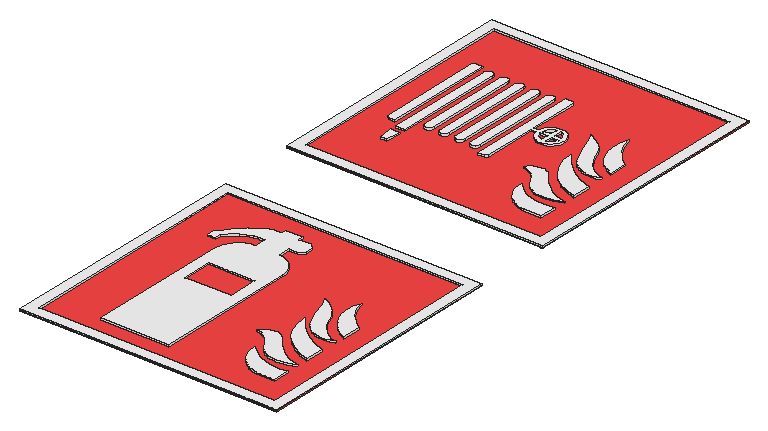
Revit family "GRAS_HW-25N-KP-20-30 HS Z", category Osprzęt hydrauliczny, Revit 2018
Family settings
  Obiekt nadrzędny = Powierzchnia
  Wymiar okrągłego złącza = Użyj średnicy
  Typ części = Normalny
  Tnij formami wycięć po wczytaniu = Nie
  Współdzielony = Nie
  Punkt obliczania pomieszczeń = Nie
Parameters (values of type "HW-25N-20/30 HS-Z, RAL3000")
  W1 = 100 mm
  URL = "http://www.gras.pl/"
  Top Right Supply Connection = ""
  Top Left Supply Connection = ""
  Side Right Supply Connection = ""
  Side Left Supply Connection = ""
  Producent = "GRAS PPPH"
  Pictogram_height = 90 mm
  Opis = "http://gras.pl/wp-content/uploads/2020/01/gras-hw-25n-k-20-30-hs-z.pdf"
  Model = "HW-25N-K-20/30 HS-Z, RAL3000"
  K Factor = 42
  H1 = 130 mm
  Flow = 60.0 L/s
  Door_Right - Door_Left [instance] = no
  Default Elevation = 0 mm
  DN = 25 mm
  D1 = 100 mm
  Cabinet width = 795 mm
  Cabinet material = DC01, RAL3000
  Cabinet height = 1025 mm
  Cabinet depth = 220 mm
  Back Right Supply Connection = ""
  Back Left Supply Connection = ""
  0 = 0 mm
Types (2, lengths in mm): name | Model | Cabinet material
  HW-25N-20/30 HS-Z, RAL9010 | "HW-25N-K-20/30 HS-Z, RAL9010" | DC01, RAL9010
  HW-25N-20/30 HS-Z, RAL3000 | "HW-25N-K-20/30 HS-Z, RAL3000" | DC01, RAL3000
Reference planes
  plane 1 "Środek (Przód/Tył)": y = 0
  plane 2: z = 0
  plane 3 "Środek (Lewa/Prawa)": x = 0
  plane 4: y = 512.5
  plane 5: y = -512.5
  plane 6: x = -397.5
  plane 7: x = 397.5
  plane 8: z = 220
  plane 9: z = 130
  plane 10: x = 397.5
  plane 11: z = 0
  plane 12: x = -397.5
  plane 13: z = 130
  plane 14: z = 130
Forms (mm)
  Extrusion 1, solid, not visible
    sketch origin (0, 0, 0) x (1, 0, 0) y (0, 1, 0)
      loop
        line (-1219.2, 1219.2) -> (-1219.2, -1219.2) -> (1219.2, -1219.2) -> (1219.2, 1219.2) -> (-1219.2, 1219.2)
    from 0 to -304.8
Dimensions and locks
  equal spacing: plane 4, plane 1 "Środek (Przód/Tył)", plane 5
  "Cabinet height": plane 4 to plane 5
  equal spacing: plane 6, plane 3 "Środek (Lewa/Prawa)", plane 7
  "Cabinet width": plane 6 to plane 7
  "Cabinet depth": plane 8 to Extrusion 1
  "0": nested 1 to plane 8
  "0": plane 3 "Środek (Lewa/Prawa)" to nested 1
  "0": plane 3 "Środek (Lewa/Prawa)" to nested 2
  "0": plane 1 "Środek (Przód/Tył)" to nested 2
  "Pictogram_height": plane 4 to nested 1
  "0": nested 2 to nested 3
  locked: nested 1 to nested 3 at 45
  aligned and locked: plane 2 to Extrusion 1
  aligned and locked: level to Extrusion 1
Automatic sketch dimensions
  Extrusion 1 sketch curve to Extrusion 1 sketch curve = 2438.4 mm  (x2)
Nested families
  nested 1: "pictogram_hydrant" at (0, 347.5, 220), type "150x150"
  nested 2: "Cabinet_complet" at (0, 0, 0), visible <- "Door_Right - Door_Left", type "Cabinet_complet"
    with Visible_Right yes, Left_Right no, Hinge_H2 863 mm, Half_Height 512.5 mm, Height 1025 mm, Flow 60.0 L/s, Door_Rubber 198 mm, Door_Height 959 mm, Door_Half_Height 479.5 mm, Depth 220 mm
  nested 3: "pictogram_fire_extinguisher" at (0, 152.5, 220), type "150x150"
Connectors
  piping at (396.5, 382.5, 100), diameter 25, driven by "DN", driven by "Flow"
    settings: on nested 2, index 1, connector inside diameter 609.6 mm, connector length 0 mm, flow factor 0, pipe flow 60.0 L/s, pressure drop 0.0 Pa, fitting loss kfactor 0, connector angle 0.00°, fixture units 0, engagement length 0 mm, angle of deflection 0.00°, flow configuration 0, flow direction 0, fitting loss method 0, system type 7, joint type 0, gender type 0, connector reference index -1, connector utility 0, adjustable connector no, is connector primary yes, connector description ""
  piping at (297.5, 382.5, 1), diameter 25, driven by "DN", driven by "Flow"
    settings: on nested 2, index 2, connector inside diameter 609.6 mm, connector length 0 mm, flow factor 0, pipe flow 60.0 L/s, pressure drop 0.0 Pa, fitting loss kfactor 0, connector angle 0.00°, fixture units 0, engagement length 0 mm, angle of deflection 0.00°, flow configuration 0, flow direction 0, fitting loss method 0, system type 7, joint type 0, gender type 0, connector reference index -1, connector utility 0, adjustable connector no, is connector primary no, connector description ""
  piping at (-397.5, 382.5, 100), diameter 25, driven by "DN", driven by "Flow"
    settings: on nested 2, index 3, connector inside diameter 609.6 mm, connector length 0 mm, flow factor 0, pipe flow 60.0 L/s, pressure drop 0.0 Pa, fitting loss kfactor 0, connector angle 0.00°, fixture units 0, engagement length 0 mm, angle of deflection 0.00°, flow configuration 0, flow direction 0, fitting loss method 0, system type 19, joint type 0, gender type 0, connector reference index -1, connector utility 0, adjustable connector no, is connector primary no, connector description ""
  piping at (-297.5, 382.5, 0), diameter 25, driven by "DN"
    settings: on nested 2, index 4, connector inside diameter 609.6 mm, connector length 0 mm, flow factor 0, pipe flow 0.0 L/s, pressure drop 0.0 Pa, fitting loss kfactor 0, connector angle 0.00°, fixture units 0, engagement length 0 mm, angle of deflection 0.00°, flow configuration 0, flow direction 0, fitting loss method 0, system type 19, joint type 0, gender type 0, connector reference index -1, connector utility 0, adjustable connector no, is connector primary no, connector description ""
Definition of nested family "pictogram_hydrant"
  Parameters (values of type "150x150")
    pictogram_color_white = none
    pictogram_color_red = none
    W = 150 mm
    H = 150 mm
    Default Elevation = 1219.2 mm
  Reference planes
    plane 1 "Środek (Przód/Tył)": y = 0
    plane 2: z = 0
    plane 3 "Środek (Lewa/Prawa)": x = 0
    plane 4: x = -75
    plane 5: x = 75
    plane 6: y = 75
    plane 7: x = -75
    plane 8: x = 75
    plane 9: y = 75
    plane 10: y = -75
  Forms (mm)
    Extrusion 1, solid, material <- "pictogram_color_white", detail levels fine
      sketch origin (0, 0, 0) x (1, 0, 0) y (0, 1, 0)
        loop
          arc (-42.375, 34.5) -> (-45, 37.125) -> (-47.625, 34.5) r 2.625
          line (-47.625, 34.5) -> (-47.625, -29.625) -> (-42.375, -29.625) -> (-42.375, 34.5)
        loop
          arc (-38.625, -19.5) -> (-36, -22.125) -> (-33.375, -19.5) r 2.625
          line (-33.375, -19.5) -> (-33.375, 34.5)
          arc (-33.375, 34.5) -> (-36, 37.125) -> (-38.625, 34.5) r 2.625
          line (-38.625, 34.5) -> (-38.625, -19.5)
        loop
          arc (-29.625, -19.5) -> (-27, -22.125) -> (-24.375, -19.5) r 2.625
          line (-24.375, -19.5) -> (-24.375, 34.5)
          arc (-24.375, 34.5) -> (-27, 37.125) -> (-29.625, 34.5) r 2.625
          line (-29.625, 34.5) -> (-29.625, -19.5)
        loop
          arc (-20.625, -19.5) -> (-18, -22.125) -> (-15.375, -19.5) r 2.625
          line (-15.375, -19.5) -> (-15.375, 34.5)
          arc (-15.375, 34.5) -> (-18, 37.125) -> (-20.625, 34.5) r 2.625
          line (-20.625, 34.5) -> (-20.625, -19.5)
        loop
          arc (-11.625, -19.5) -> (-9, -22.125) -> (-6.375, -19.5) r 2.625
          line (-6.375, -19.5) -> (-6.375, 34.5)
          arc (-6.375, 34.5) -> (-9, 37.125) -> (-11.625, 34.5) r 2.625
          line (-11.625, 34.5) -> (-11.625, -19.5)
        loop
          arc (8.096, 6.375) -> (9.601, 3.593) -> (12.375, 2.075) r 5.587
          line (12.375, 2.075) -> (12.375, 6.375) -> (8.096, 6.375)
        loop
          arc (14.625, 2.05) -> (17.477, 3.549) -> (19.026, 6.375) r 5.587
          line (19.026, 6.375) -> (14.625, 6.375) -> (14.625, 2.05)
        loop
          arc (12.375, 12.994) -> (9.576, 11.45) -> (8.081, 8.625) r 5.587
          line (8.081, 8.625) -> (12.375, 8.625) -> (12.375, 12.994)
        loop
          arc (19.04, 8.625) -> (17.502, 11.494) -> (14.625, 13.019) r 5.587
          line (14.625, 13.019) -> (14.625, 8.625) -> (19.04, 8.625)
        loop
          arc (30.735, -35.586) -> (34.985, -47.78) -> (46.5, -53.625) r 17.285
          line (46.5, -53.625) -> (56.625, -53.625) -> (56.625, -43.857)
          arc (56.625, -43.857) -> (42.542, -43.284) -> (30.735, -35.586) r 26.558
        loop
          arc (43.5, 26.625) -> (44.037, 9.214) -> (56.632, -2.819) r 22.981
          line (56.632, -2.819) -> (56.601, 7.732)
          arc (56.601, 7.732) -> (48.159, 15.867) -> (43.5, 26.625) r 29.857
        loop
          arc (36.375, -1.5) -> (44.77, -9.178) -> (56.121, -8.425) r 14.487
          arc (56.121, -8.425) -> (50.239, -6.221) -> (45.629, -1.954) r 16.287
          arc (45.629, -1.954) -> (42.437, 2.964) -> (40.404, 8.464) r 26.509
          arc (40.404, 8.464) -> (34.776, 15.029) -> (27.375, 19.5) r 27.251
          arc (27.375, 19.5) -> (29.19, 16.657) -> (30.375, 13.5) r 16.152
          arc (30.375, 13.5) -> (32.842, 5.787) -> (36.375, -1.5) r 57.118
        loop
          line (75, -75) -> (75, 75) -> (-75, 75) -> (-75, -75) -> (75, -75)
        loop
          line (69, -69) -> (69, 69) -> (-69, 69) -> (-69, -69) -> (69, -69)
        loop
          line (-55.125, -25.5) -> (-51.375, -25.5) -> (-51.375, 38.625) -> (-55.125, 38.625) -> (-56.625, 37.125) -> (-56.625, -24) -> (-55.125, -25.5)
        loop
          line (-43.234, -41.671) -> (-42.368, -33.375) -> (-47.658, -33.375) -> (-46.721, -41.671) -> (-43.234, -41.671)
        loop
          line (5.748, 8.625) -> (2.625, 8.625) -> (2.625, 37.125) -> (1.125, 38.625) -> (-2.625, 38.625) -> (-2.625, -25.5) -> (1.125, -25.5) -> (2.625, -24) -> (2.625, 6.375) -> (5.748, 6.375)
          arc (5.748, 6.375) -> (21.333, 7.5) -> (5.748, 8.625) r 7.833
        loop
          arc (56.626, -18.699) -> (42.495, -11.687) -> (31.5, -0.375) r 46.748
          arc (31.5, -0.375) -> (38.925, -19.413) -> (56.626, -29.624) r 30.825
          line (56.626, -29.624) -> (56.626, -18.699)
        loop
          arc (30.403, -18.389) -> (25.366, -19.297) -> (21.375, -22.5) r 10.383
          arc (21.375, -22.5) -> (27.7, -25.134) -> (32.166, -30.331) r 14.829
          arc (32.166, -30.331) -> (35.524, -35.29) -> (40.5, -38.625) r 15.649
          arc (40.5, -38.625) -> (48.741, -38.75) -> (56.621, -36.335) r 26.465
          arc (56.621, -36.335) -> (49.534, -34.515) -> (43.5, -30.375) r 21.005
          arc (43.5, -30.375) -> (39.113, -26.466) -> (35.439, -21.881) r 35.088
          arc (35.439, -21.881) -> (33.209, -19.719) -> (30.403, -18.389) r 9.54
      from 0.2 to 1
    Extrusion 2, solid, material <- "pictogram_color_red", detail levels fine
      sketch origin (0, 0, 0) x (1, 0, 0) y (0, 1, 0)
        loop
          line (-75, 75) -> (-75, -75) -> (75, -75) -> (75, 75) -> (-75, 75)
      from 0 to 0.2
  Dimensions and locks
    equal spacing: plane 7, plane 3 "Środek (Lewa/Prawa)", plane 8
    "W": plane 7 to plane 8
    equal spacing: plane 9, plane 1 "Środek (Przód/Tył)", plane 10
    "H": plane 9 to plane 10
    aligned and locked: level to plane 2
    aligned and locked: Extrusion 1 to Extrusion 2  (x2)
    aligned and locked: Extrusion 2 to Extrusion 1  (x3)
    aligned and locked: Extrusion 1 to plane 7
    aligned and locked: plane 8 to Extrusion 1
    aligned and locked: plane 9 to Extrusion 1
    aligned and locked: Extrusion 1 to plane 10
  Automatic sketch dimensions
    Extrusion 1 sketch curve to Extrusion 1 sketch curve = 0 mm  (x22)
    Extrusion 1 sketch curve to plane 4 = 0 mm
    Extrusion 1 sketch curve to plane 5 = 0 mm
    Extrusion 1 sketch curve to plane 6 = 0 mm
    plane 4 to Extrusion 1 sketch curve = 6 mm
    plane 4 to Extrusion 1 sketch curve = 18.375 mm
    Extrusion 1 sketch curve to Extrusion 1 sketch curve = 1.5 mm  (x7)
    Extrusion 1 sketch curve to Extrusion 1 sketch curve = 3.75 mm  (x6)
    Extrusion 1 sketch curve to Extrusion 1 sketch curve = 3.717 mm
    Extrusion 1 sketch curve to Extrusion 1 sketch curve = 0.033 mm
    Extrusion 1 sketch curve to Extrusion 1 sketch curve = 0.938 mm
    Extrusion 1 sketch curve to Extrusion 1 sketch curve = 2.625 mm  (x7)
    Extrusion 1 sketch curve to Extrusion 1 sketch curve = 3.487 mm
    Extrusion 1 sketch curve to Extrusion 1 sketch curve = 0.007 mm
    Extrusion 1 sketch curve to plane 3 "Środek (Lewa/Prawa)" = 2.625 mm
    plane 3 "Środek (Lewa/Prawa)" to Extrusion 1 sketch curve = 1.125 mm  (x2)
    plane 3 "Środek (Lewa/Prawa)" to Extrusion 1 sketch curve = 2.625 mm
    Extrusion 1 sketch curve to Extrusion 1 sketch curve = 3.123 mm
    Extrusion 1 sketch curve to Extrusion 1 sketch curve = 2.333 mm
    Extrusion 1 sketch curve to Extrusion 1 sketch curve = 0.014 mm  (x2)
    Extrusion 1 sketch curve to Extrusion 1 sketch curve = 4.294 mm
    Extrusion 1 sketch curve to Extrusion 1 sketch curve = 1.125 mm  (x2)
    Extrusion 1 sketch curve to Extrusion 1 sketch curve = 0.061 mm
    Extrusion 1 sketch curve to Extrusion 1 sketch curve = 1.064 mm  (x2)
    Extrusion 1 sketch curve to Extrusion 1 sketch curve = 0.118 mm
    Extrusion 1 sketch curve to Extrusion 1 sketch curve = 2.539 mm
    plane 3 "Środek (Lewa/Prawa)" to Extrusion 1 sketch curve = 18.99 mm
    Extrusion 1 sketch curve to Extrusion 1 sketch curve = 4.401 mm
    Extrusion 1 sketch curve to Extrusion 1 sketch curve = 8.783 mm
    Extrusion 1 sketch curve to Extrusion 1 sketch curve = 1.895 mm
    plane 1 "Środek (Przód/Tył)" to Extrusion 1 sketch curve = 12.549 mm
    Extrusion 1 sketch curve to Extrusion 1 sketch curve = 15.349 mm
    Extrusion 1 sketch curve to plane 5 = 28.5 mm
    Extrusion 1 sketch curve to Extrusion 1 sketch curve = 1.545 mm
    Extrusion 1 sketch curve to Extrusion 1 sketch curve = 1.437 mm
    Extrusion 1 sketch curve to plane 1 "Środek (Przód/Tył)" = 4.493 mm
    Extrusion 1 sketch curve to Extrusion 1 sketch curve = 4.546 mm
    Extrusion 1 sketch curve to Extrusion 1 sketch curve = 4.061 mm
    Extrusion 1 sketch curve to Extrusion 1 sketch curve = 7.037 mm
    Extrusion 1 sketch curve to Extrusion 1 sketch curve = 10.125 mm
    Extrusion 1 sketch curve to Extrusion 1 sketch curve = 8.626 mm
    plane 1 "Środek (Przód/Tył)" to Extrusion 1 sketch curve = 2.819 mm
    Extrusion 1 sketch curve to Extrusion 1 sketch curve = 7.068 mm
    Extrusion 1 sketch curve to Extrusion 1 sketch curve = 1.594 mm
    Extrusion 1 sketch curve to Extrusion 1 sketch curve = 2.188 mm
    Extrusion 1 sketch curve to plane 1 "Środek (Przód/Tył)" = 0.672 mm
    Extrusion 1 sketch curve to Extrusion 1 sketch curve = 5.675 mm
    plane 1 "Środek (Przód/Tył)" to Extrusion 1 sketch curve = 2.314 mm
    Extrusion 1 sketch curve to Extrusion 1 sketch curve = 2.258 mm
    Extrusion 1 sketch curve to plane 5 = 9.975 mm
    Extrusion 1 sketch curve to Extrusion 1 sketch curve = 1.108 mm
    Extrusion 1 sketch curve to plane 5 = 6 mm
    Extrusion 1 sketch curve to plane 5 = 4.96 mm
    Extrusion 1 sketch curve to plane 5 = 2.306 mm
    plane 5 to Extrusion 1 sketch curve = 10.875 mm
    Extrusion 1 sketch curve to Extrusion 1 sketch curve = 12.572 mm
    Extrusion 1 sketch curve to Extrusion 1 sketch curve = 5.437 mm
    Extrusion 1 sketch curve to Extrusion 1 sketch curve = 3.308 mm
    plane 1 "Środek (Przód/Tył)" to Extrusion 1 sketch curve = 19.5 mm
    Extrusion 1 sketch curve to Extrusion 1 sketch curve = 4.5 mm  (x2)
    Extrusion 1 sketch curve to Extrusion 1 sketch curve = 6.213 mm
    Extrusion 1 sketch curve to Extrusion 1 sketch curve = 3.361 mm
    Extrusion 1 sketch curve to Extrusion 1 sketch curve = 1.186 mm
    Extrusion 1 sketch curve to Extrusion 1 sketch curve = 10.925 mm
    Extrusion 1 sketch curve to Extrusion 1 sketch curve = 4.125 mm
    Extrusion 1 sketch curve to Extrusion 1 sketch curve = 6.781 mm
    Extrusion 1 sketch curve to Extrusion 1 sketch curve = 9.577 mm
    Extrusion 1 sketch curve to Extrusion 1 sketch curve = 8.296 mm
    Extrusion 1 sketch curve to Extrusion 1 sketch curve = 7.452 mm
    Extrusion 1 sketch curve to Extrusion 1 sketch curve = 9.768 mm
    Extrusion 1 sketch curve to Extrusion 1 sketch curve = 27.329 mm
    Extrusion 1 sketch curve to Extrusion 1 sketch curve = 6 mm
    plane 1 "Środek (Przód/Tył)" to Extrusion 1 sketch curve = 5.765 mm
    Extrusion 1 sketch curve to plane 1 "Środek (Przód/Tył)" = 2.05 mm
    Extrusion 1 sketch curve to plane 1 "Środek (Przód/Tył)" = 2.075 mm
    Extrusion 1 sketch curve to Extrusion 1 sketch curve = 4.325 mm
    Extrusion 1 sketch curve to Extrusion 1 sketch curve = 0.034 mm
    Extrusion 1 sketch curve to plane 1 "Środek (Przód/Tył)" = 7.642 mm
    Extrusion 1 sketch curve to Extrusion 1 sketch curve = 0.09 mm
    Extrusion 1 sketch curve to Extrusion 1 sketch curve = 2.25 mm
    Extrusion 1 sketch curve to Extrusion 1 sketch curve = 0.809 mm
    Extrusion 1 sketch curve to Extrusion 1 sketch curve = 7.206 mm
    Extrusion 1 sketch curve to Extrusion 1 sketch curve = 3.727 mm
    Extrusion 1 sketch curve to Extrusion 1 sketch curve = 7.508 mm
    Extrusion 1 sketch curve to Extrusion 1 sketch curve = 0.917 mm
    Extrusion 1 sketch curve to Extrusion 1 sketch curve = 6.797 mm
    Extrusion 1 sketch curve to plane 1 "Środek (Przód/Tył)" = 34.5 mm
    Extrusion 1 sketch curve to plane 6 = 6 mm
    Extrusion 1 sketch curve to Extrusion 1 sketch curve = 6.399 mm
    Extrusion 1 sketch curve to Extrusion 1 sketch curve = 8.335 mm
    Extrusion 1 sketch curve to Extrusion 1 sketch curve = 3 mm
    Extrusion 1 sketch curve to Extrusion 1 sketch curve = 2.63 mm
    Extrusion 1 sketch curve to Extrusion 1 sketch curve = 2.497 mm
    Extrusion 1 sketch curve to Extrusion 1 sketch curve = 5.036 mm
    plane 1 "Środek (Przód/Tył)" to Extrusion 1 sketch curve = 1.5 mm
    Extrusion 1 sketch curve to Extrusion 1 sketch curve = 4.875 mm
    Extrusion 1 sketch curve to plane 1 "Środek (Przód/Tył)" = 8.464 mm
    Extrusion 1 sketch curve to Extrusion 1 sketch curve = 7.5 mm
    Extrusion 1 sketch curve to Extrusion 1 sketch curve = 3.063 mm
    plane 1 "Środek (Przód/Tył)" to Extrusion 1 sketch curve = 1.954 mm
    Extrusion 1 sketch curve to Extrusion 1 sketch curve = 0.005 mm
    Extrusion 2 sketch curve to plane 4 = 0 mm
    Extrusion 2 sketch curve to plane 5 = 0 mm
    Extrusion 2 sketch curve to plane 6 = 0 mm
    plane 1 "Środek (Przód/Tył)" to Extrusion 2 sketch curve = 75 mm
Definition of nested family "Cabinet_complet"
  Parameters (values of type "Cabinet_complet")
    W1 = 100 mm
    Visible_Right = not(Left_Right)  # no
    Thickness = 1 mm
    Rubber = 8 mm
    Roof = 40 mm
    Material_hinge_lock = none
    Material = none
    Left_Right = yes
    Hinge_H2 = Height - Roof - Frame - 100 mm  # 733 mm
    Hinge_H1 = 100 mm
    Half_Height = Height / 2  # 447.5 mm
    Height = 895 mm
    Width = 795 mm
    H1 = 130 mm
    Gap = 4 mm
    Frame = 22 mm
    Flow = 35.0 L/s
    Door_Width = Width  # 795 mm
    Door_Rubber = Depth - Door_Depth  # 228 mm
    Door_Height = Height - Gap - Roof - Frame  # 829 mm
    Door_Half_Height = Door_Height / 2  # 414.5 mm
    Door_Depth = 22 mm
    Depth = 250 mm
    DN_Hole = DN + 20 mm  # 45 mm
    DN = 25 mm
    D1 = 100 mm
    0 = 0 mm
  Reference planes
    plane 1 "Środek (Przód/Tył)": y = 0
    plane 2: z = 0
    plane 3 "Środek (Lewa/Prawa)": x = 0
    plane 4: z = 250
    plane 5: y = 895
    plane 6: y = -447.5
    plane 7: x = 397.5
    plane 8: x = -397.5
    plane 9: y = -33
  Dimensions and locks
    "0": plane 3 "Środek (Lewa/Prawa)" to nested 1
    "0": plane 1 "Środek (Przód/Tył)" to nested 1
    "Height": plane 5 to plane 1 "Środek (Przód/Tył)"
    "0": plane 3 "Środek (Lewa/Prawa)" to nested 2
    "Door_Rubber": nested 2 to plane 2
    "Half_Height": plane 1 "Środek (Przód/Tył)" to plane 6
    "0": nested 2 to plane 6
    equal spacing: plane 7, plane 3 "Środek (Lewa/Prawa)", plane 8
    "Width": plane 7 to plane 8
    "Depth": plane 4 to level
    "0": nested 3 to plane 8
    "0": nested 4 to plane 8
    "Hinge_H1": plane 6 to nested 4
    "Hinge_H2": nested 3 to plane 6
    "Gap": nested 3 to plane 4
    "Gap": plane 4 to nested 4
    "0": nested 6 to plane 8
    "0": plane 7 to nested 5
    "Door_Half_Height": plane 9 to plane 6
    "0": plane 9 to nested 5
    "0": nested 6 to plane 9
    "Gap": nested 6 to plane 4
    "Gap": plane 4 to nested 5
    "0": plane 3 "Środek (Lewa/Prawa)" to nested 7
    "0": nested 7 to plane 1 "Środek (Przód/Tył)"
    "0": plane 7 to nested 8
    "0": plane 7 to nested 9
    "Hinge_H1": plane 6 to nested 9
    "Hinge_H2": plane 6 to nested 8
    "Gap": plane 4 to nested 9
    "Gap": plane 4 to nested 8
    aligned and locked: level to plane 2
  Nested families
    nested 1: "HS-Z v2" at (0, 0, 0), visible <- "Visible_Right", type "HS-Z v2"
      with Srednica 45 mm
    nested 2: "door" at (0, -33, 228), type "door"
    nested 3: "zawias" at (-402.5, 310.5, 216) x (-1, 0, 0) z (0, 0, 1), visible <- "Left_Right", type "zawias"
    nested 4: "zawias" at (-402.5, -322.5, 216) x (-1, 0, 0) z (0, 0, 1), visible <- "Left_Right", type "zawias"
    nested 5: "zamek" at (397.5, -33, 211), visible <- "Left_Right", type "zamek"
    nested 6: "zamek" at (-397.5, -33, 211) x (-1, 0, 0) z (0, 0, 1), visible <- "Visible_Right", type "zamek"
    nested 7: "HS-Z v2" at (0, 0, 0) x (-1, 0, 0) z (0, 0, 1), visible <- "Left_Right", type "HS-Z v2"
      with Srednica 45 mm
    nested 8: "zawias" at (402.5, 310.5, 216), visible <- "Visible_Right", type "zawias"
    nested 9: "zawias" at (402.5, -322.5, 216), visible <- "Visible_Right", type "zawias"
  Definition of nested family "HS-Z v2"
    Parameters (values of type "HS-Z v2")
      Width = 795 mm
      W1 = 100 mm
      D1 = 100 mm
      Thickness = 1 mm
      Srednica = 100 mm
      Rubber = 8 mm
      Roof_out = 10 mm
      Roof_Height = 40 mm
      Materiał = none
      Height = 895 mm
      H1 = 130 mm
      Frame = 22 mm
      Door_Depth_rubber = Door_Depth + Rubber  # 30 mm
      Door_Depth = 22 mm
      Depth = 250 mm
      DN = 45 mm
      Cabinet_depth = Depth - Door_Depth_rubber  # 220 mm
      0 = 0 mm
    Reference planes
      plane 1 "Środek (Przód/Tył)": y = 0
      plane 2: z = 0
      plane 3 "Środek (Lewa/Prawa)": x = 0
      plane 4: x = -397.5
      plane 5: x = 397.5
      plane 6: y = 447.5
      plane 7: y = -447.5
      plane 8: z = 250
      plane 9: z = 220
      plane 10: y = 407.5
      plane 11: y = 385.5
      plane 12: z = 260
      plane 13: y = 363.5
      plane 14: z = 259
      plane 15: z = 1
      plane 16: y = -446.5
      plane 17: z = 219
      plane 18: y = 446.5
      plane 19: y = 386.5
      plane 20: y = 406.5
      plane 21: x = 396.5
      plane 22: x = -396.5
      plane 23: x = -375.5
      plane 24: x = 375.5
      plane 25: y = -425.5
      plane 26: y = 317.5
      plane 27: z = 100
      plane 28: x = 297.5
    Forms (mm)
      Extrusion 1, solid, material <- "Materiał"
        sketch origin (0, 0, 0) x (0, 1, 0) y (0, 0, 1)
          loop
            line (447.5, 0) -> (407.5, 260) -> (385.5, 260) -> (391.654, 220) -> (-447.5, 220) -> (-447.5, 0) -> (447.5, 0)
        from -397.5 to 397.5
      Extrusion 2, void
        sketch origin (0, 0, 0) x (0, 1, 0) y (0, 0, 1)
          loop
            line (446.5, 1) -> (406.5, 259) -> (386.5, 259) -> (392.702, 219) -> (-446.5, 219) -> (-446.5, 1) -> (446.5, 1)
        from -396.5 to 396.5
      Extrusion 3, void
        sketch origin (0, 0, 0) x (1, 0, 0) y (0, 1, 0)
          loop
            line (-375.5, 363.5) -> (-375.5, -425.5) -> (375.5, -425.5) -> (375.5, 363.5) -> (-375.5, 363.5)
        from 1 to 260
      Extrusion 4, void
        sketch origin (0, 0, 0) x (1, 0, 0) y (0, 1, 0)
          loop
            circle (297.5, 317.5) r 22.5
        from 0 to 110
      Extrusion 5, void
        sketch origin (397.5, 0, 0) x (0, -1, 0) y (0, 0, 1)
          loop
            circle (-317.5, 100) r 22.5
        from 0 to 1
    Cuts and joins
      Extrusion 2, Extrusion 3, Extrusion 4, Extrusion 5 cuts Extrusion 1
    Dimensions and locks
      equal spacing: plane 4, plane 3 "Środek (Lewa/Prawa)", plane 5
      "Width": plane 4 to plane 5
      equal spacing: plane 6, plane 1 "Środek (Przód/Tył)", plane 7
      "Height": plane 6 to plane 7
      "Roof_Height": plane 6 to plane 10
      "Frame": plane 10 to plane 11
      "Cabinet_depth": plane 9 to plane 2
      "Depth": plane 8 to plane 2
      "Roof_out": plane 12 to plane 8
      "Frame": plane 11 to plane 13
      "Thickness": plane 12 to plane 14
      "Thickness": plane 15 to plane 2
      "Thickness": plane 16 to plane 7
      "Thickness": plane 9 to plane 17
      "Thickness": plane 6 to plane 18
      "Thickness": plane 19 to plane 11
      "Thickness": plane 10 to plane 20
      "Thickness": plane 4 to plane 22
      "Thickness": plane 21 to plane 5
      "Frame": plane 25 to plane 7
      "Frame": plane 4 to plane 23
      "Frame": plane 24 to plane 5
      "0": cut or joined group of Extrusion 1, Extrusion 2, Extrusion 3, Extrusion 4, Extrusion 5 to plane 5
      "0": plane 4 to cut or joined group of Extrusion 1, Extrusion 2, Extrusion 3, Extrusion 4, Extrusion 5
      "0": plane 22 to cut or joined group of Extrusion 1, Extrusion 2, Extrusion 3, Extrusion 4, Extrusion 5
      "0": cut or joined group of Extrusion 1, Extrusion 2, Extrusion 3, Extrusion 4, Extrusion 5 to plane 21
      "0": plane 12 to cut or joined group of Extrusion 1, Extrusion 2, Extrusion 3, Extrusion 4, Extrusion 5
      "D1": plane 27 to level
      "H1": plane 6 to plane 26
      "W1": plane 28 to plane 5
      "0": cut or joined group of Extrusion 1, Extrusion 2, Extrusion 3, Extrusion 4, Extrusion 5 to cut or joined group of Extrusion 1, Extrusion 2, Extrusion 3, Extrusion 4, Extrusion 5
      "0": plane 21 to cut or joined group of Extrusion 1, Extrusion 2, Extrusion 3, Extrusion 4, Extrusion 5
      "0": Extrusion 5 sketch curve to plane 26
      "0": Extrusion 5 sketch curve to plane 27
      "DN": diameter of Extrusion 4 sketch curve
      "DN": diameter of Extrusion 5 sketch curve
      aligned and locked: level to plane 2
    Automatic sketch dimensions
      Extrusion 1 sketch curve to plane 7 = 0 mm
      Extrusion 1 sketch curve to plane 11 = 0 mm
      Extrusion 1 sketch curve to plane 9 = 0 mm
      Extrusion 1 sketch curve to plane 10 = 0 mm
      Extrusion 1 sketch curve to level = 0 mm
      Extrusion 1 sketch curve to plane 6 = 0 mm
      Extrusion 1 sketch curve to plane 12 = 0 mm
      Extrusion 1 sketch curve to plane 11 = 6.154 mm
      Extrusion 2 sketch curve to plane 16 = 0 mm
      Extrusion 2 sketch curve to plane 15 = 0 mm
      Extrusion 2 sketch curve to plane 14 = 0 mm
      Extrusion 2 sketch curve to plane 19 = 0 mm
      Extrusion 2 sketch curve to plane 17 = 0 mm
      Extrusion 2 sketch curve to plane 20 = 0 mm
      Extrusion 2 sketch curve to plane 18 = 0 mm
      Extrusion 2 sketch curve to plane 19 = 6.202 mm
      Extrusion 3 sketch curve to plane 23 = 0 mm
      plane 13 to Extrusion 3 sketch curve = 0 mm
      Extrusion 3 sketch curve to plane 24 = 0 mm
      Extrusion 3 sketch curve to plane 25 = 0 mm
      plane 26 to Extrusion 4 sketch curve = 0 mm
      Extrusion 4 sketch curve to plane 28 = 0 mm
  Definition of nested family "door"
    Parameters (values of type "door")
      Material = none
      Height = 829 mm
      Width = 795 mm
      Depth = 22 mm
      0 = 0 mm
    Reference planes
      plane 1 "Środek (Przód/Tył)": y = 0
      plane 2: z = 0
      plane 3 "Środek (Lewa/Prawa)": x = 0
      plane 4: x = -397.5
      plane 5: x = 397.5
      plane 6: y = 414.5
      plane 7: y = -414.5
      plane 8: z = 22
    Forms (mm)
      Extrusion 1, solid, material <- "Material"
        sketch origin (0, 0, 0) x (1, 0, 0) y (0, 1, 0)
          loop
            line (-397.5, 414.5) -> (-397.5, -414.5) -> (397.5, -414.5) -> (397.5, 414.5) -> (-397.5, 414.5)
        from 0 to 22
    Dimensions and locks
      equal spacing: plane 6, plane 1 "Środek (Przód/Tył)", plane 7
      equal spacing: plane 4, plane 3 "Środek (Lewa/Prawa)", plane 5
      "Width": plane 4 to plane 5
      "Height": plane 6 to plane 7
      "Depth": plane 8 to plane 2
      "0": plane 8 to Extrusion 1
      aligned and locked: level to plane 2
    Automatic sketch dimensions
      Extrusion 1 sketch curve to plane 4 = 0 mm
      Extrusion 1 sketch curve to plane 5 = 0 mm
      Extrusion 1 sketch curve to plane 7 = 0 mm
      Extrusion 1 sketch curve to plane 6 = 0 mm
  Definition of nested family "zawias"
    Parameters (values of type "zawias")
      width_height = 50 mm
      faza = 3 mm
      Visible = yes
      Materiał = none
      Depth = 10 mm
    Reference planes
      plane 1 "Środek (Przód/Tył)": y = 0
      plane 2: z = 0
      plane 3 "Środek (Lewa/Prawa)": x = 0
      plane 4: x = -25
      plane 5: y = 25
      plane 6: x = 25
      plane 7: y = -25
      plane 8: z = 10
      plane 9: z = 7
      plane 10: x = -3
      plane 11: x = 3
      plane 12: x = 22
      plane 13: x = -22
    Forms (mm)
      Extrusion 1, solid, material <- "Materiał"
        sketch origin (-5, 0, 5) x (0, 0, -1) y (1, 0, 0)
          loop
            line (-25, 0) -> (25, 0) -> (25, 7) -> (22, 10) -> (3, 10) -> (0, 7) -> (-3, 10) -> (-22, 10) -> (-25, 7) -> (-25, 0)
        from -25 to 25
    Dimensions and locks
      equal spacing: plane 4, plane 3 "Środek (Lewa/Prawa)", plane 6
      "width_height": plane 4 to plane 6
      equal spacing: plane 5, plane 1 "Środek (Przód/Tył)", plane 7
      "width_height": plane 5 to plane 7
      "Depth": plane 8 to plane 2
      "faza": plane 8 to plane 9
      "faza": plane 13 to plane 4
      "faza": plane 3 "Środek (Lewa/Prawa)" to plane 10
      "faza": plane 11 to plane 3 "Środek (Lewa/Prawa)"
      "faza": plane 6 to plane 12
      aligned and locked: level to plane 2
    Automatic sketch dimensions
      Extrusion 1 sketch curve to plane 10 = 2 mm
      plane 8 to Extrusion 1 sketch curve = 20 mm
      plane 11 to Extrusion 1 sketch curve = 2 mm  (x2)
      Extrusion 1 sketch curve to Extrusion 1 sketch curve = 3 mm  (x2)
      plane 9 to Extrusion 1 sketch curve = 1 mm
      Extrusion 1 sketch curve to plane 9 = 2 mm
      level to Extrusion 1 sketch curve = 2 mm
      Extrusion 1 sketch curve to level = 17 mm
      Extrusion 1 sketch curve to plane 11 = 1 mm  (x2)
  Definition of nested family "zamek"
    Parameters (values of type "zamek")
      height = 20 mm
      depth = 10 mm
      border = 3 mm
      Width = 35 mm
      Material = none
    Reference planes
      plane 1 "Środek (Przód/Tył)": y = 0
      plane 2: z = 0
      plane 3 "Środek (Lewa/Prawa)": x = 0
      plane 4: y = 10
      plane 5: y = -10
      plane 6: y = -7
      plane 7: y = 7
      plane 8: x = 10
      plane 9: x = 3
      plane 10: y = 4
      plane 11: y = -4
      plane 12: z = 35
    Forms (mm)
      Extrusion 1, solid, material <- "Material"
        sketch origin (0, 0, 0) x (1, 0, 0) y (0, 1, 0)
          loop
            line (0, 10) -> (0, -10) -> (10, -10) -> (10, -7) -> (3, -7) -> (3, -4) -> (10, -4) -> (10, 4) -> (3, 4) -> (3, 7) -> (10, 7) -> (10, 10) -> (0, 10)
        from 0 to 35
    Dimensions and locks
      equal spacing: plane 4, plane 1 "Środek (Przód/Tył)", plane 5
      "height": plane 4 to plane 5
      "border": plane 6 to plane 5
      "border": plane 7 to plane 4
      "border": plane 3 "Środek (Lewa/Prawa)" to plane 9
      "depth": plane 3 "Środek (Lewa/Prawa)" to plane 8
      "border": plane 10 to plane 7
      "border": plane 11 to plane 6
      "Width": plane 12 to plane 2
      aligned and locked: level to plane 2
    Automatic sketch dimensions
      Extrusion 1 sketch curve to plane 3 "Środek (Lewa/Prawa)" = 0 mm
      Extrusion 1 sketch curve to plane 9 = 0 mm  (x2)
      plane 7 to Extrusion 1 sketch curve = 0 mm
      Extrusion 1 sketch curve to plane 8 = 0 mm  (x3)
      Extrusion 1 sketch curve to plane 6 = 0 mm
      Extrusion 1 sketch curve to plane 5 = 0 mm
      Extrusion 1 sketch curve to plane 11 = 0 mm
      plane 10 to Extrusion 1 sketch curve = 0 mm
      Extrusion 1 sketch curve to plane 4 = 0 mm
Definition of nested family "pictogram_fire_extinguisher"
  Parameters (values of type "150x150")
    pictogram_color_white = none
    pictogram_color_red = none
    W = 150 mm
    H = 150 mm
    Default Elevation = 1219.2 mm
  Reference planes
    plane 1 "Środek (Przód/Tył)": y = 0
    plane 2: z = 0
    plane 3 "Środek (Lewa/Prawa)": x = 0
    plane 4: x = -75
    plane 5: x = 75
    plane 6: y = 75
    plane 7: x = -75
    plane 8: x = 75
    plane 9: y = 75
    plane 10: y = -75
  Forms (mm)
    Extrusion 1, solid, material <- "pictogram_color_white", detail levels fine
      sketch origin (0, 0, 0) x (1, 0, 0) y (0, 1, 0)
        loop
          arc (30.735, -35.586) -> (34.985, -47.78) -> (46.5, -53.625) r 17.285
          line (46.5, -53.625) -> (56.625, -53.625) -> (56.625, -43.857)
          arc (56.625, -43.857) -> (42.542, -43.284) -> (30.735, -35.586) r 26.558
        loop
          arc (43.5, 26.625) -> (44.037, 9.214) -> (56.632, -2.819) r 22.981
          line (56.632, -2.819) -> (56.601, 7.732)
          arc (56.601, 7.732) -> (48.159, 15.867) -> (43.5, 26.625) r 29.857
        loop
          arc (36.375, -1.5) -> (44.77, -9.178) -> (56.121, -8.425) r 14.487
          arc (56.121, -8.425) -> (50.239, -6.221) -> (45.629, -1.954) r 16.287
          arc (45.629, -1.954) -> (42.437, 2.964) -> (40.404, 8.464) r 26.509
          arc (40.404, 8.464) -> (34.776, 15.029) -> (27.375, 19.5) r 27.251
          arc (27.375, 19.5) -> (29.19, 16.657) -> (30.375, 13.5) r 16.152
          arc (30.375, 13.5) -> (32.842, 5.787) -> (36.375, -1.5) r 57.118
        loop
          line (75, -75) -> (75, 75) -> (-75, 75) -> (-75, -75) -> (75, -75)
        loop
          line (69, -69) -> (69, 69) -> (-69, 69) -> (-69, -69) -> (69, -69)
        loop
          arc (56.626, -18.699) -> (42.495, -11.687) -> (31.5, -0.375) r 46.748
          arc (31.5, -0.375) -> (38.925, -19.413) -> (56.626, -29.624) r 30.825
          line (56.626, -29.624) -> (56.626, -18.699)
        loop
          arc (30.403, -18.389) -> (25.366, -19.297) -> (21.375, -22.5) r 10.383
          arc (21.375, -22.5) -> (27.7, -25.134) -> (32.166, -30.331) r 14.829
          arc (32.166, -30.331) -> (35.524, -35.29) -> (40.5, -38.625) r 15.649
          arc (40.5, -38.625) -> (48.741, -38.75) -> (56.621, -36.335) r 26.465
          arc (56.621, -36.335) -> (49.534, -34.515) -> (43.5, -30.375) r 21.005
          arc (43.5, -30.375) -> (39.113, -26.466) -> (35.439, -21.881) r 35.088
          arc (35.439, -21.881) -> (33.209, -19.719) -> (30.403, -18.389) r 9.54
        loop
          arc (-28.135, 38.476) -> (-37.385, 33.902) -> (-41.122, 24.284) r 14.248
          line (-41.122, 24.284) -> (-41.122, -58.625) -> (-1.122, -58.625) -> (-1.122, 24.284)
          arc (-1.122, 24.284) -> (-4.874, 33.92) -> (-14.155, 38.48) r 14.248
          line (-14.155, 38.48) -> (-14.155, 45.253) -> (-9.049, 45.253) -> (-6.125, 48.144) -> (-6.125, 52.212) -> (-9.049, 55.098) -> (-16.14, 55.098) -> (-16.14, 57.958) -> (-26.127, 57.958) -> (-26.127, 55.097) -> (-29.697, 55.097)
          arc (-29.697, 55.097) -> (-31.398, 54.767) -> (-32.968, 54.035) r 7.098
          arc (-32.968, 54.035) -> (-36.94, 51.561) -> (-40.771, 48.874) r 85.578
          arc (-40.771, 48.874) -> (-46.273, 44.029) -> (-50.76, 38.23) r 38.589
          arc (-50.76, 38.23) -> (-51.27, 36.952) -> (-51.617, 35.62) r 10.98
          line (-51.617, 35.62) -> (-51.617, 32.886) -> (-47.043, 32.886) -> (-47.043, 35.62)
          arc (-47.043, 35.62) -> (-44.146, 39.006) -> (-40.795, 41.943) r 31.093
          arc (-40.795, 41.943) -> (-37.744, 43.697) -> (-34.414, 44.84) r 18.447
          arc (-34.414, 44.84) -> (-32.773, 45.137) -> (-31.107, 45.231) r 13.644
          line (-31.107, 45.231) -> (-28.135, 45.231) -> (-28.135, 38.476)
        loop
          line (-34.597, 12.634) -> (-34.597, -4.827) -> (-7.612, -4.827) -> (-7.612, 12.634) -> (-34.597, 12.634)
      from 0.2 to 1
    Extrusion 2, solid, material <- "pictogram_color_red", detail levels fine
      sketch origin (0, 0, 0) x (1, 0, 0) y (0, 1, 0)
        loop
          line (-75, 75) -> (-75, -75) -> (75, -75) -> (75, 75) -> (-75, 75)
      from 0 to 0.2
  Dimensions and locks
    equal spacing: plane 7, plane 3 "Środek (Lewa/Prawa)", plane 8
    "W": plane 7 to plane 8
    equal spacing: plane 9, plane 1 "Środek (Przód/Tył)", plane 10
    "H": plane 9 to plane 10
    aligned and locked: level to plane 2
    aligned and locked: Extrusion 1 to Extrusion 2  (x2)
    aligned and locked: Extrusion 2 to Extrusion 1  (x3)
    aligned and locked: Extrusion 1 to plane 7
    aligned and locked: plane 8 to Extrusion 1
    aligned and locked: plane 9 to Extrusion 1
    aligned and locked: Extrusion 1 to plane 10
  Automatic sketch dimensions
    Extrusion 2 sketch curve to plane 4 = 0 mm
    Extrusion 2 sketch curve to plane 5 = 0 mm
    Extrusion 2 sketch curve to plane 6 = 0 mm
    plane 1 "Środek (Przód/Tył)" to Extrusion 2 sketch curve = 75 mm
    Extrusion 1 sketch curve to plane 4 = 0 mm
    Extrusion 1 sketch curve to plane 5 = 0 mm
    Extrusion 1 sketch curve to plane 10 = 0 mm
    Extrusion 1 sketch curve to plane 6 = 0 mm
    plane 4 to Extrusion 1 sketch curve = 6 mm
    plane 3 "Środek (Lewa/Prawa)" to Extrusion 1 sketch curve = 14.743 mm
    plane 1 "Środek (Przód/Tył)" to Extrusion 1 sketch curve = 5.765 mm
    Extrusion 1 sketch curve to Extrusion 1 sketch curve = 2.421 mm
    plane 3 "Środek (Lewa/Prawa)" to Extrusion 1 sketch curve = 18.99 mm
    Extrusion 1 sketch curve to Extrusion 1 sketch curve = 8.783 mm
    Extrusion 1 sketch curve to Extrusion 1 sketch curve = 1.895 mm
    plane 1 "Środek (Przód/Tył)" to Extrusion 1 sketch curve = 12.549 mm
    Extrusion 1 sketch curve to Extrusion 1 sketch curve = 15.349 mm
    Extrusion 1 sketch curve to plane 5 = 28.5 mm
    Extrusion 1 sketch curve to Extrusion 1 sketch curve = 1.545 mm
    Extrusion 1 sketch curve to Extrusion 1 sketch curve = 1.437 mm
    Extrusion 1 sketch curve to plane 1 "Środek (Przód/Tył)" = 4.493 mm
    Extrusion 1 sketch curve to Extrusion 1 sketch curve = 4.546 mm
    Extrusion 1 sketch curve to Extrusion 1 sketch curve = 4.061 mm
    Extrusion 1 sketch curve to Extrusion 1 sketch curve = 7.037 mm
    Extrusion 1 sketch curve to Extrusion 1 sketch curve = 10.125 mm
    Extrusion 1 sketch curve to Extrusion 1 sketch curve = 6.002 mm
    plane 1 "Środek (Przód/Tył)" to Extrusion 1 sketch curve = 2.819 mm
    Extrusion 1 sketch curve to Extrusion 1 sketch curve = 7.068 mm
    Extrusion 1 sketch curve to Extrusion 1 sketch curve = 1.594 mm
    Extrusion 1 sketch curve to Extrusion 1 sketch curve = 2.188 mm
    Extrusion 1 sketch curve to plane 1 "Środek (Przód/Tył)" = 0.672 mm
    Extrusion 1 sketch curve to Extrusion 1 sketch curve = 5.675 mm
    plane 1 "Środek (Przód/Tył)" to Extrusion 1 sketch curve = 2.314 mm
    Extrusion 1 sketch curve to Extrusion 1 sketch curve = 2.258 mm
    Extrusion 1 sketch curve to plane 5 = 9.975 mm
    Extrusion 1 sketch curve to Extrusion 1 sketch curve = 1.108 mm
    Extrusion 1 sketch curve to plane 5 = 6 mm
    Extrusion 1 sketch curve to plane 5 = 4.96 mm
    Extrusion 1 sketch curve to plane 5 = 2.306 mm
    plane 5 to Extrusion 1 sketch curve = 10.875 mm
    Extrusion 1 sketch curve to Extrusion 1 sketch curve = 4.574 mm
    Extrusion 1 sketch curve to Extrusion 1 sketch curve = 6.204 mm
    Extrusion 1 sketch curve to Extrusion 1 sketch curve = 6.525 mm
    Extrusion 1 sketch curve to Extrusion 1 sketch curve = 9.671 mm
    Extrusion 1 sketch curve to Extrusion 1 sketch curve = 0.061 mm
    Extrusion 1 sketch curve to Extrusion 1 sketch curve = 1.05 mm
    Extrusion 1 sketch curve to Extrusion 1 sketch curve = 1.41 mm
    Extrusion 1 sketch curve to Extrusion 1 sketch curve = 1.902 mm
    Extrusion 1 sketch curve to Extrusion 1 sketch curve = 2.972 mm
    Extrusion 1 sketch curve to Extrusion 1 sketch curve = 3.244 mm
    Extrusion 1 sketch curve to Extrusion 1 sketch curve = 3.57 mm
    Extrusion 1 sketch curve to Extrusion 1 sketch curve = 4.846 mm
    Extrusion 1 sketch curve to Extrusion 1 sketch curve = 3.894 mm
    Extrusion 1 sketch curve to Extrusion 1 sketch curve = 9.987 mm
    Extrusion 1 sketch curve to Extrusion 1 sketch curve = 2.765 mm
    Extrusion 1 sketch curve to Extrusion 1 sketch curve = 13.98 mm
    Extrusion 1 sketch curve to Extrusion 1 sketch curve = 7.09 mm
    Extrusion 1 sketch curve to Extrusion 1 sketch curve = 5.106 mm
    Extrusion 1 sketch curve to Extrusion 1 sketch curve = 10.522 mm
    Extrusion 1 sketch curve to Extrusion 1 sketch curve = 2.924 mm
    Extrusion 1 sketch curve to Extrusion 1 sketch curve = 40 mm
    Extrusion 1 sketch curve to Extrusion 1 sketch curve = 17.878 mm
    plane 10 to Extrusion 1 sketch curve = 6 mm
    plane 10 to Extrusion 1 sketch curve = 21.375 mm
    Extrusion 1 sketch curve to Extrusion 1 sketch curve = 9.768 mm
    Extrusion 1 sketch curve to Extrusion 1 sketch curve = 31.371 mm
    Extrusion 1 sketch curve to Extrusion 1 sketch curve = 7.452 mm
    Extrusion 1 sketch curve to Extrusion 1 sketch curve = 6.781 mm
    Extrusion 1 sketch curve to Extrusion 1 sketch curve = 8.39 mm
    Extrusion 1 sketch curve to Extrusion 1 sketch curve = 1.186 mm
    Extrusion 1 sketch curve to Extrusion 1 sketch curve = 5.426 mm
    Extrusion 1 sketch curve to Extrusion 1 sketch curve = 10.925 mm
    Extrusion 1 sketch curve to Extrusion 1 sketch curve = 0.714 mm
    Extrusion 1 sketch curve to Extrusion 1 sketch curve = 3.308 mm
    Extrusion 1 sketch curve to plane 1 "Środek (Przód/Tył)" = 7.642 mm
    Extrusion 1 sketch curve to Extrusion 1 sketch curve = 0.09 mm
    Extrusion 1 sketch curve to plane 1 "Środek (Przód/Tył)" = 9.434 mm
    Extrusion 1 sketch curve to Extrusion 1 sketch curve = 7.206 mm
    Extrusion 1 sketch curve to Extrusion 1 sketch curve = 3.727 mm
    Extrusion 1 sketch curve to Extrusion 1 sketch curve = 7.508 mm
    Extrusion 1 sketch curve to Extrusion 1 sketch curve = 0.917 mm
    Extrusion 1 sketch curve to Extrusion 1 sketch curve = 6.797 mm
    Extrusion 1 sketch curve to plane 6 = 6 mm
    Extrusion 1 sketch curve to Extrusion 1 sketch curve = 14.992 mm
    Extrusion 1 sketch curve to Extrusion 1 sketch curve = 17.461 mm
    Extrusion 1 sketch curve to Extrusion 1 sketch curve = 4.518 mm
    Extrusion 1 sketch curve to Extrusion 1 sketch curve = 0.471 mm
    Extrusion 1 sketch curve to Extrusion 1 sketch curve = 11.65 mm  (x2)
    Extrusion 1 sketch curve to Extrusion 1 sketch curve = 2.616 mm
    Extrusion 1 sketch curve to Extrusion 1 sketch curve = 4.688 mm
    Extrusion 1 sketch curve to Extrusion 1 sketch curve = 8.602 mm
    Extrusion 1 sketch curve to Extrusion 1 sketch curve = 0.64 mm
    Extrusion 1 sketch curve to Extrusion 1 sketch curve = 2.734 mm  (x2)
    Extrusion 1 sketch curve to Extrusion 1 sketch curve = 6.756 mm
    Extrusion 1 sketch curve to Extrusion 1 sketch curve = 6.773 mm
    Extrusion 1 sketch curve to Extrusion 1 sketch curve = 2.785 mm
    Extrusion 1 sketch curve to Extrusion 1 sketch curve = 2.891 mm
    Extrusion 1 sketch curve to Extrusion 1 sketch curve = 4.067 mm
    Extrusion 1 sketch curve to Extrusion 1 sketch curve = 7.081 mm
    Extrusion 1 sketch curve to Extrusion 1 sketch curve = 0.001 mm
    Extrusion 1 sketch curve to Extrusion 1 sketch curve = 2.862 mm
    Extrusion 1 sketch curve to Extrusion 1 sketch curve = 6.399 mm
    Extrusion 1 sketch curve to Extrusion 1 sketch curve = 12.632 mm
    Extrusion 1 sketch curve to Extrusion 1 sketch curve = 3 mm
    Extrusion 1 sketch curve to Extrusion 1 sketch curve = 2.63 mm
    Extrusion 1 sketch curve to Extrusion 1 sketch curve = 2.497 mm
    Extrusion 1 sketch curve to Extrusion 1 sketch curve = 5.036 mm
    plane 1 "Środek (Przód/Tył)" to Extrusion 1 sketch curve = 1.5 mm
    Extrusion 1 sketch curve to Extrusion 1 sketch curve = 4.875 mm
    Extrusion 1 sketch curve to plane 1 "Środek (Przód/Tył)" = 8.464 mm
    Extrusion 1 sketch curve to Extrusion 1 sketch curve = 7.5 mm
    Extrusion 1 sketch curve to Extrusion 1 sketch curve = 3.063 mm
    plane 1 "Środek (Przód/Tył)" to Extrusion 1 sketch curve = 1.954 mm
    Extrusion 1 sketch curve to Extrusion 1 sketch curve = 0.005 mm
    Extrusion 1 sketch curve to Extrusion 1 sketch curve = 0.857 mm
    Extrusion 1 sketch curve to Extrusion 1 sketch curve = 0.044 mm
    Extrusion 1 sketch curve to Extrusion 1 sketch curve = 0.024 mm
    plane 4 to Extrusion 1 sketch curve = 23.383 mm
    Extrusion 1 sketch curve to Extrusion 1 sketch curve = 0.283 mm
    plane 10 to Extrusion 1 sketch curve = 16.375 mm
    Extrusion 1 sketch curve to Extrusion 1 sketch curve = 2.681 mm
